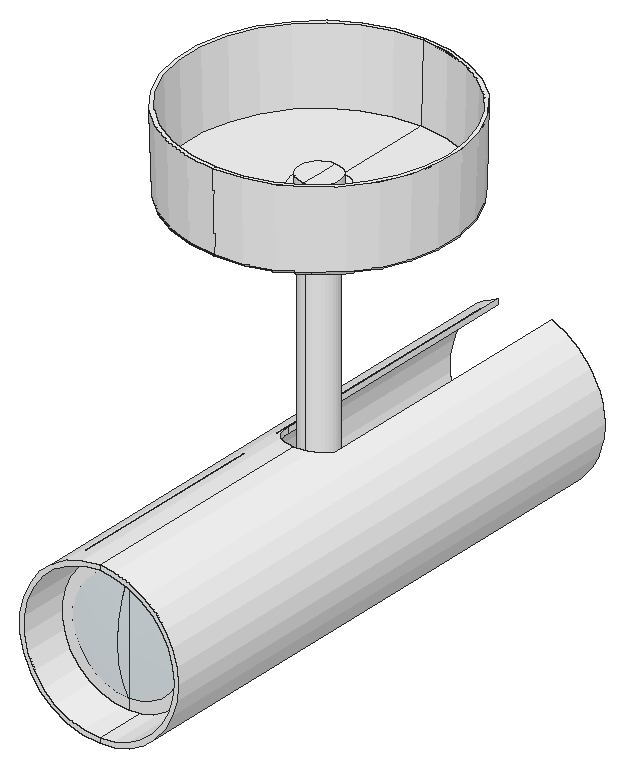
Revit family "Lighting_Ceiling-Mounted_Nordlux_MIB_Ceiling", category Lighting Fixtures, Revit 2017
Family settings
  Round Connector Dimension = Use Diameter
  Part Type = Normal
  OmniClass Number = 23.80.70.00
  OmniClass Title = Lighting
  Work Plane-Based = No
  Always vertical = Yes
  Cut with Voids When Loaded = No
  Light Source = Yes
  Shared = No
  Room Calculation Point = No
Parameters (values of type "MIB 6 Ceilling - White")
  Wattage = 9.2903 W
  WarrantyStartDate [instance] = "n/a"
  WarrantyGuarantorParts = "n/a"
  WarrantyGuarantorLabor = "n/a"
  WarrantyDurationUnit = "Years"
  WarrantyDurationParts = "n/a"
  WarrantyDurationLabor = "n/a"
  WarrantyDescription = "n/a"
  built-in parameter 1150110 = 1 (stored number, unit not read)
  VersionDate = "24/11/2020"  # constant formula
  Version = "1"  # constant formula
  UsageCurrent = 0 A
  Uniclass2015Reference = "Pr_70_70_48_46"
  Uniclass2015Description = "Light-Emitting Diode (LED) Luminaires"
  Uniclass2 = "Pr_70_70_49_43"
  URL = "https://www.nordlux.com/products/product/2020666001"
  TotalWattage = 8 W
  built-in parameter 1114217 = 1 (stored number, unit not read)
  Tilt Angle = 90.00°
  built-in parameter 1150109 = 1 (stored number, unit not read)
  built-in parameter 1150134 = (empty or 0)
  TagNumber [instance] = "n/a"
  SustainabilityPerformance = "n/a"
  built-in parameter 1150113 = 1 (stored number, unit not read)
  Size = "200x100x170 mm"
  Shape = "Sculptured"
  SerialNumber [instance] = "n/a"
  Revision = "n/a"  # constant formula
  ReplacementCost = "n/a"
  ProductInformation = "The MIB series has been extended with an elegant and minimalist spot for ceiling mounting. The spot has been developed to be mounted directly over the power outlet in the ceiling. Therefore, there is no on/off on the lamp – this is controlled by your switch in the wall. The sleek and adjustable lamp head can be directed to where you need the light. The beautiful and simple design gives a minimalist expression and will fit into many styles and interior settings."
  ProductDatasheet = "http://pim.skypim.com/show?objectid=327169613&template=ORG"
  Product data url = ""
  Photometric Web File = "2020666001 and 003 MIB Ceiling.ies"
  PhaseReference = "n/a"
  PhaseAngle = 0.00°
  NumberOfSources = 0
  NumberOfPoles = 1
  NominalWidth = 100 mm
  NominalVoltageCalc = 0 V
  NominalVoltage = 230 V
  NominalRadius = NominalDiameter / 2  # 21 mm
  NominalLength = 200 mm
  NominalHeight = 170.133 mm
  NominalFrequencyRange = 50 Hz
  NominalDiameter = 42 mm
  NominalCurrent = 0 A
  Name = "MIB_Ceiling"
  NBSReference = "90-60-50/405"
  NBSDescription = "General purpose luminaires"
  ModelReference = ArticleNumber  # "2020666001"
  ModelNumber = "n/a"
  Model = "MIB 6 Ceilling - White"
  Material = "Metal"
  ManufacturersSpecificInformation = "n/a"
  ManufacturerURL = "https://www.nordlux.com/"
  ManufacturerName = "Nordlux"
  Manufacturer = "Nordlux"
  MaintenanceFactor = 0
  Lumens = 1380 lm
  built-in parameter 1150115 = 1 (stored number, unit not read)
  built-in parameter 1150105 = 109.82 (stored number, unit not read)
  LightFixturePlacingType = "Ceilling"
  LightFixtureMountingType = "Surface"
  LightFixtureMainMaterial = White
  built-in parameter 1150137 = (empty or 0)
  built-in parameter 1150139 = (empty or 0)
  LensMaterial = Glass
  built-in parameter 1150112 = 1 (stored number, unit not read)
  built-in parameter 1150114 = 1 (stored number, unit not read)
  InsulationStandardClass = "Class 2 (Double isolated)"
  InstallationDate [instance] = "n/a"
  built-in parameter 1150132 = 2
  built-in parameter 1150102 = (empty or 0)
  built-in parameter 1150138 = (empty or 0)
  built-in parameter 1150107 = 3000 (stored number, unit not read)
  built-in parameter 1150106 = 1.0982 (stored number, unit not read)
  IfcExportType = "NOTDEFINED"  # constant formula
  IfcExportAs = "IfcLightFixtureType"  # constant formula
  IP_Code = "IP20"
  HasProtectiveEarth = yes
  Grade = "n/a"
  Finish = "n/a"
  Features = "Socket type GU10. Light source not included."
  ExpectedLife = "n/a"
  Emit from Circle Diameter = 42 mm
  Emit Shape Visible in Rendering = no
  ElectricalDeviceNominalPower = 8
  built-in parameter 1150104 = 13.8 (stored number, unit not read)
  EANNumber = "5704924002427"
  DurationUnit = "Years"
  Dimming Lamp Color Temperature Shift = <None>
  Designer = "Bønnelycke mdd"
  Description = "The MIB series has been extended with an elegant and minimalist spot for ceiling mounting. The spot has been developed to be mounted directly over the power outlet in the ceiling. Therefore, there is no on/off on the lamp – this is controlled by your switch in the wall. The sleek and adjustable lamp head can be directed to where you need the light. The beautiful and simple design gives a minimalist expression and will fit into many styles and interior settings."
  DefaultElevation = 0 mm
  ConvergoRefNr = "0143-2009-0011-DK"  # constant formula
  Constituents = "n/a"
  Color Filter = 16777215
  Color = "White"
  Collection = "MIB"
  CodePerformance = "n/a"
  Category = "Ceiling lighting"
  Brand = "Nordlux"
  Barcode [instance] = "n/a"
  built-in parameter 1114218 = 1 (stored number, unit not read)
  BIMObjectName = "Lighting_Ceiling-Mounted_Nordlux_MIB_Ceiling"  # constant formula
  Author = "Convergo AB"  # constant formula
  built-in parameter 1150133 = 10 (stored number, unit not read)
  AssetType = "Fixed"
  AssetIdentifier [instance] = "n/a"
  ArticleNumber = "2020666001"
  AccessibilityPerformance = "n/a"
Types (3, lengths in mm): name | URL | ProductDatasheet | NominalVoltageCalc | ModelReference | Model | LightFixtureMainMaterial | EANNumber | Color | ArticleNumber
  (no name) | "https://www.nordlux.com/products/product/2020666001" | "http://pim.skypim.com/show?objectid=327169613&template=ORG" | 0 V | "2020666001" | "MIB 6 Ceilling - White" | White | "5704924002427" | "White" | "2020666001"
  MIB 6 Ceilling - White | "https://www.nordlux.com/products/product/2020666001" | "http://pim.skypim.com/show?objectid=327169613&template=ORG" | 0 V | "2020666001" | "MIB 6 Ceilling - White" | White | "5704924002427" | "White" | "2020666001"
  MIB 6 Ceilling - Black | "https://www.nordlux.com/products/product/2020666003" | "http://pim.skypim.com/show?objectid=327175775&template=ORG" | 230 V | "2020666003" | "MIB 6 Ceilling - Black" | Black | "5704924002434" | "Black" | "2020666003"
Reference planes
  plane 1 "Light Source Axis (F/B)": y = 0
  plane 2: z = 0
  plane 3 "Light Source Axis (L/R)": x = 0
  plane 4 "Light Source Elevation": z = -140.133
  plane 5: z = -170.133
  plane 6: y = 96.671
  plane 7: y = -103.329
  plane 8: x = -50
  plane 9: x = 50
Dimensions and locks
  equal spacing: plane 8, plane 3 "Light Source Axis (L/R)", plane 9
  "NominalWidth": plane 8 to plane 9
  "NominalLength": plane 7 to plane 6
  "NominalHeight": plane 2 to plane 5
  aligned and locked: plane 3 "Light Source Axis (L/R)" to imposter light
  aligned and locked: level to plane 2
  aligned and locked: plane 4 "Light Source Elevation" to nested 1
  aligned and locked: imposter light to nested 1  (x2)
Nested families
  nested 1: "MIB_Ceiling" at (0, 0, -170.133), Glass <- "LensMaterial", Metal <- "LightFixtureMainMaterial", type "MIB_Ceiling"
    with Metal White, Glass Glass
Connectors
  electrical at (0, 0, 0), driven by "NominalVoltage"
    settings: on nested 1, index 1, voltage 230 V, apparent load 0 VA, apparent load phase1 0 VA, apparent load phase2 0 VA, apparent load phase3 0 VA, power factor 1, load classification "Other", number of poles 1, system type 31, power factor state 1, is connector primary yes, connector utility no, sub classification motor no, connector description ""
Definition of nested family "MIB_Ceiling"
  Parameters (values of type "MIB_Ceiling")
    Metal [instance] = none
    Glass [instance] = none
  Reference planes
    plane 1 "Center (Front/Back)": y = 0
    plane 2: z = 0
    plane 3 "Center (Left/Right)": x = 0
    plane 4: y = 96.671
    plane 5: y = -103.329
    plane 6: z = 170.133
    plane 7: x = -50
    plane 8: x = 50
    plane 9: y = -89.516
    plane 10: z = 30
  Forms (mm)
    Revolve 1, solid, material <- "Metal", detail levels medium+fine
      sketch origin (0, -103.329, 30) x (0, 0, 1) y (0, -1, 0)
        loop
          line (-28.25, 0) -> (-30, 0) -> (-30, -200) -> (-28.25, -200) -> (-28.25, -89.763) -> (0, -89.763) -> (0, -88.563) -> (-28.25, -88.563) -> (-28.25, 0)
        axis (0, -200) -> (0, 0)
      angle from 0 to 360
    Revolve 2, solid, material <- "Metal", detail levels medium+fine
      sketch origin (0, -98.767, 30) x (0, 0, 1) y (0, -1, 0)
        loop
          line (0, -63.001) -> (0, -9.251) -> (-25, -9.251) -> (-25, -11.401) -> (-23.5, -11.401)
          arc (-23.5, -11.401) -> (-19.699, -23.239) -> (-12, -33.001) r 35
          line (-12, -33.001) -> (-10.75, -63.001) -> (0, -63.001)
        axis (0, -63.001) -> (0, -9.251)
      angle from 0 to 360
    Revolve 3, solid, material <- "Metal", detail levels medium+fine
      sketch origin (0, 0, -140.86) x (0, -1, 0) y (0, 0, -1)
        loop
          line (0, -287.492) -> (0, -165.992) -> (-3.5, -165.992)
          arc (-3.5, -165.992) -> (-5.621, -166.871) -> (-6.5, -168.992) r 3
          line (-6.5, -168.992) -> (-6.5, -280.992) -> (-48.63, -280.992)
          arc (-48.63, -280.992) -> (-49.049, -281.162) -> (-49.23, -281.577) r 0.6
          line (-49.23, -281.577) -> (-50, -310.993) -> (-48.7, -310.993) -> (-47.953, -282.492) -> (-10, -282.492) -> (-10, -283.492) -> (-7.47, -283.492) -> (-7.47, -287.492) -> (0, -287.492)
        axis (0, -310.993) -> (0, -165.992)
      angle from 0 to 360
    Extrusion 4, void
      sketch origin (0, -103.329, 30) x (-1, 0, 0) y (0, -1, 0)
        loop
          line (-10, -200) -> (10, -200) -> (10, -101.028)
          arc (10, -101.028) -> (0, -91.028) -> (-10, -101.028) r 10
          line (-10, -101.028) -> (-10, -200)
      from 22.461 to 40
    Revolve 5, solid, material <- "Metal", detail levels medium+fine
      sketch origin (0, 0, 170.133) x (0, 1, 0) y (0, 0, 1)
        loop
          line (-14.766, -143.133) -> (-15.966, -143.133) -> (-15.966, -148.054)
          arc (-15.966, -148.054) -> (-16.097, -148.451) -> (-16.439, -148.692) r 0.667
          line (-16.439, -148.692) -> (-24.468, -151.136) -> (-24.468, -146.705) -> (-25.266, -146.705) -> (-25.266, -152.633) -> (-16.184, -149.868)
          arc (-16.184, -149.868) -> (-15.159, -149.146) -> (-14.766, -147.955) r 2
          line (-14.766, -147.955) -> (-14.766, -143.133)
        axis (-14.766, -140.133) -> (-25.266, -140.133)
      angle from 0 to 360
    Revolve 6, solid, material <- "Metal", detail levels medium+fine
      sketch origin (0, 0, 170.133) x (0, 1, 0) y (0, 0, 1)
        loop
          line (-3.766, -144.133) -> (-3.766, -140.133) -> (-14.766, -140.133) -> (-14.766, -145.133) -> (-7.766, -145.133) -> (-7.766, -144.133) -> (-3.766, -144.133)
        loop
          line (-25.266, -140.133) -> (-35.766, -140.133) -> (-35.766, -151.633) -> (-42.266, -151.633) -> (-42.266, -154.133) -> (-25.266, -154.133) -> (-25.266, -140.133)
        axis (-42.266, -140.133) -> (-3.766, -140.133)
      angle from 0 to 360
    Extrusion 7, solid, material <- "Metal", detail levels coarse
      sketch origin (0, 0, 0) x (1, 0, 0) y (0, 1, 0)
        loop
          line (-50, 96.671) -> (-50, -103.329) -> (50, -103.329) -> (50, 96.671) -> (-50, 96.671)
      from 0 to 170.133
    Revolve 8, solid, material <- "Glass", detail levels medium+fine
      sketch origin (0, 0, 0) x (0, 1, 0) y (0, 0, 1)
        loop
          line (-89.516, 9) -> (-89.516, 30) -> (-94.717, 30)
          arc (-94.717, 30) -> (-93.397, 19.183) -> (-89.516, 9) r 45
        axis (-89.516, 30) -> (-94.717, 30)
      angle from 0 to 360
  Cuts and joins
    Extrusion 4 cuts Revolve 1
    joined: Revolve 3, Revolve 5, Revolve 6
  Lines and regions (mm)
    symbolic lines, detail levels medium+fine
      curve 1: arc (-30, -40, 0) -> (-50, 0, 0) -> (-30, 40, 0) r 50
      curve 2: line (-30, 96.671, 0) -> (30, 96.671, 0)
      curve 3: line (-30, -103.329, 0) -> (-30, -40, 0)
      curve 4: line (30, -103.329, 0) -> (-30, -103.329, 0)
      curve 5: line (30, 96.671, 0) -> (30, 40, 0)
      curve 6: arc (30, -40, 0) -> (50, 0, 0) -> (30, 40, 0) r 50
      curve 8: line (30, -40, 0) -> (30, -103.329, 0)
      curve 10: line (-30, 40, 0) -> (-30, 96.671, 0)
      curve 11: line (0, 50, 170.133) -> (0, 49.23, 140.717)
      curve 12: arc (0, 49.23, 140.717) -> (0, 49.049, 140.303) -> (0, 48.63, 140.133) r 0.6
      curve 13: line (0, 48.63, 140.133) -> (0, 6.5, 140.133)
      curve 14: line (0, 6.5, 140.133) -> (0, 6.5, 58.284)
      curve 16: line (0, 96.671, 0) -> (0, -103.329, 0)
      curve 17: line (0, 96.671, 58.284) -> (0, 96.671, 0)
      curve 18: line (0, -15.329, 60) -> (0, -103.329, 60)
      curve 19: line (0, -103.329, 60) -> (0, -103.329, 0)
      curve 20: line (0, 96.671, 58.284) -> (0, 6.5, 58.284)
      curve 22: line (0, -50, 170.133) -> (0, -49.23, 140.717)
      curve 23: arc (0, -49.23, 140.717) -> (0, -49.049, 140.303) -> (0, -48.63, 140.133) r 0.6
      curve 24: line (0, -48.63, 140.133) -> (0, -6.5, 140.133)
      curve 25: line (0, -6.5, 140.133) -> (0, -6.5, 58.307)
      curve 26: line (0, 50, 170.133) -> (0, -50, 170.133)
      curve 27: arc (0, -6.5, 58.307) -> (0, -10.978, 58.821) -> (0, -15.329, 60) r 30
      curve 29: line (-49.23, 0, 140.717) -> (-50, 0, 170.133)
      curve 31: arc (-48.63, 0, 140.133) -> (-49.049, 0, 140.303) -> (-49.23, 0, 140.717) r 0.6
      curve 33: line (-6.5, 0, 140.133) -> (-48.63, 0, 140.133)
      curve 40: line (-6.5, 0, 59.287) -> (-6.5, 0, 140.133)
      curve 41: line (49.23, 0, 140.717) -> (50, 0, 170.133)
      curve 42: arc (48.63, 0, 140.133) -> (49.049, 0, 140.303) -> (49.23, 0, 140.717) r 0.6
      curve 43: line (-50, 0, 170.133) -> (50, 0, 170.133)
      curve 44: line (6.5, 0, 140.133) -> (48.63, 0, 140.133)
      curve 45: line (6.5, 0, 59.287) -> (6.5, 0, 140.133)
      curve 47: arc (6.5, 0, 59.287) -> (0, 0, 0) -> (-6.5, 0, 59.287) r 30
    symbolic lines, detail levels fine
      curve 7: line (30, 40, 0) -> (30, -40, 0)
      curve 9: line (-30, -40, 0) -> (-30, 40, 0)
      curve 15: line (0, 6.5, 140.133) -> (0, -6.5, 140.133)
      curve 21: arc (0, -5.329, 58.284) -> (0, -5.915, 58.29) -> (0, -6.5, 58.307) r 30
      curve 28: line (0, 6.5, 58.284) -> (0, -5.329, 58.284)
      curve 30: line (6.5, 0, 140.133) -> (-6.5, 0, 140.133)
      curve 32: line (-6.5, 0, 54.14) -> (-6.5, 0, 57.492)
      curve 34: arc (-6.5, 0, 59.287) -> (0, 0, 60) -> (6.5, 0, 59.287) r 30
      curve 35: circle (0, 0, 30) r 28.25 normal (0, 1, 0)
      curve 36: circle (0, 0, 30) r 25 normal (0, 1, 0)
      curve 37: circle (0, 0, 30) r 21 normal (0, -1, 0)
      curve 38: line (-8.26, 0, 57.016) -> (-8.26, 0, 53.596)
      curve 39: line (8.26, 0, 53.596) -> (8.26, 0, 57.016)
      curve 46: line (6.5, 0, 54.14) -> (6.5, 0, 57.492)
  Dimensions and locks
    aligned and locked: level to plane 2
